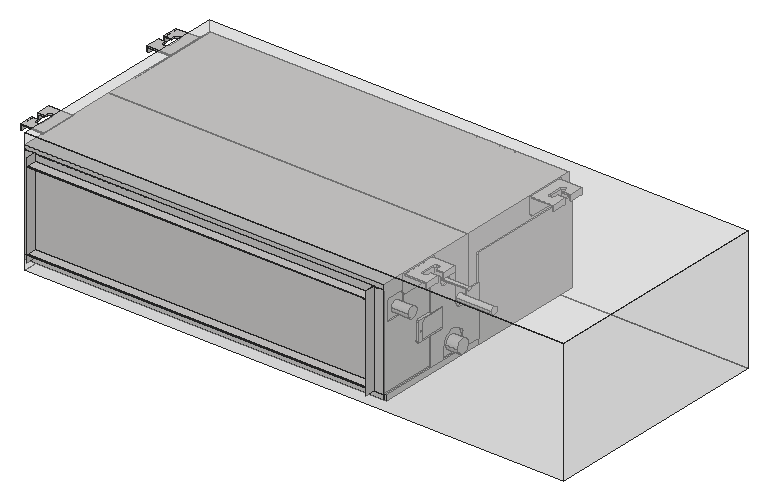
Revit family "outputfile", category 機械設備, Revit 2024
Family settings
  丸型コネクタ寸法 = 半径を使用
  パーツ タイプ = 標準
  OmniClass 番号 = 23.75.10.24.21.27.27
  OmniClass タイトル = Split System Air Conditioning Units
  作業面ベース = いいえ
  常に垂直 = はい
  ロード時にボイドで切り取り = いいえ
  注釈の向きを維持 = いいえ
  共有 = いいえ
  部屋計算ポイント = はい
Parameters (values of type "FXDQ25TV1CA")
  Description = ""
  製造元 = "Daikin"
  書き出し IFC クラス(タイプ) = "IfcUnitaryEquipmentType"
  定義済み IFC タイプ(タイプ) = "AIRCONDITIONINGUNIT"
  Cost = 0
  モデル = "FXDQ25TV1CA"
  Type Comments = ""
  Keynote = ""
  Type Image = (empty or 0)
  Assembly Code = ""
  r_Liquid Pipe Size = Liquid Pipe Size / 2  # 3.2 mm
  r_Gas Pipe Size = Gas Pipe Size / 2  # 6.35 mm
  r_Drain Pipe Size = Drain Pipe Size / 2  # 10.0 mm
  lw_powersuply = 65.0 mm  # constant formula
  lh_suctionflange [instance] = [h***] + 100.5 mm  # 100.5 mm
  lh_mounting = lh_mountinghole + [h***]  # 200.0 mm
  ld_suctionflange [instance] = if(and(Rear Connection_Return Air, Width = 700.0 mm), 94.5 mm, if(and(Rear Connection_Return Air, Width = 900.0 mm), 94.0 mm, if(and(Rear Connection_Return Air, Width = 1100.0 mm), 94.0 mm, 100.5 mm)))  # 94.5 mm
  ld_powersuply = 64.0 mm  # constant formula
  ld_mountinghole_Back = if(Width = 900.0 mm, 169.0 mm, 165.0 mm)  # 165.0 mm
  ld_mountinghole_Front = if(Width = 900.0 mm, 140.0 mm, 144.0 mm)  # 144.0 mm
  ld_RA_below = if(Width = 700.0 mm, 189.0 mm, 188.0 mm)  # 189.0 mm
  ld_RA = if(Width = 700.0 mm, 94.5 mm, 94.0 mm)  # 94.5 mm
  angle_vertical_RA [instance] = if(Rear Connection_Return Air, 90.00°, 0.00°)  # 90.00°
  angle horizontal_RA [instance] = if(Rear Connection_Return Air, 180.00°, 270.00°)  # 180.00°
  Voltage_comment_50Hz = "220-240"
  Voltage_50Hz = 220 V
  URL = ""
  Supply Air Direction [instance] = yes
  Sound Power Level_H speed (dB) = 0
  Rear Connection_Return Air [instance] = not(Bottom Connection_Return Air)  # yes
  Phase_50Hz = 1
  Minimum External Static Pressure = 10.00 Pa
  Minimum Circuit Amps_50Hz = 0.8 A
  Maximum Fuse Amps_50Hz = 15.0 A
  Maximum External Static Pressure = 40.00 Pa
  Material_Casing = DAIKIN_GalvanizedSteel_Casing_indoorunit
  ld_liquidpipe = 142.0 mm  # constant formula
  ld_gaspipe = 181.0 mm  # constant formula
  lw_mountinghole = Width + 52.0 mm  # 752.0 mm
  ld_drainpipe = 28.0 mm  # constant formula
  lh_liquidpipe = 151.0 mm
  lh_gaspipe = 101.0 mm
  lh_mountinghole = 200.0 mm  # constant formula
  lh_drainpipe = 152.0 mm  # constant formula
  h_antenna = Height - lh_mountinghole + 1.0 mm  # 1.0 mm
  h*** = 0.0 mm  # constant formula
  Width = 700.0 mm
  Version = "ver.1.0"
  Unit Type = "Slim Duct (Standard) Type"
  Unit Mass Weight = 18.00 kg
  Unit Designation [instance] = ""
  Uniclass2015Version = "Products v1.30"
  Uniclass2015Title = "Variable refrigerant flow units"
  Uniclass2015Code = "Pr_70_65_03_94"
  Total Heating Capacity [instance] = 0.000 kW
  Total Cooling Capacity [instance] = 0.000 kW
  Sound Pressure Level_M speed (dBA) = 0
  Sound Pressure Level_L speed (dBA) = 28
  Sound Pressure Level_H speed (dBA) = 33
  Series = "VRV Fan Coil Unit"
  Sensible Cooling Capacity [instance] = 0.000 kW
  SA Duct Size Width = if(Width = 900.0 mm, 860.0 mm, if(Width = 1100.0 mm, 1060.0 mm, 660.0 mm))  # 660.0 mm
  SA Duct Size Height = 153.0 mm  # constant formula
  Refrigerant Type = "R410A"
  RA Duct Size Width = if(Width = 900.0 mm, 775.0 mm, if(Width = 1100.0 mm, 975.0 mm, 575.0 mm))  # 575.0 mm
  RA Duct Size Height [instance] = if(Rear Connection_Return Air, 163.0 mm, if(Width = 700.0 mm, 153.0 mm, 152.0 mm))  # 163.0 mm
  Power Input (Heating) = 0.030 kW
  Power Input (Cooling) = 0.040 kW
  Option Accessory 3 [instance] = ""
  Option Accessory 2 [instance] = ""
  Option Accessory 1 [instance] = ""
  Nominal Heating Capacity = 3.200 kW
  Nominal Cooling Capacity = 2.800 kW
  Minimum Airflow = 0.00 m³/h
  Median Airflow = 0.00 m³/h
  Maximum Airflow = 540.00 m³/h
  Load Classification = HVAC
  Liquid Pipe Size = 6.4 mm
  Link_Nested Family [instance] = ""
  IfcVersion = "0"
  IfcExportType = "AIRCONDITIONINGUNIT"
  IfcExportAs = "IfcUnitaryEquipmentType"
  Height = 200.0 mm
  Heating Entering Wet Bulb Temperature [instance] = 0.00 °C
  Heating Entering Dry Bulb Temperature [instance] = 0.00 °C
  Heating Ambient Wet Bulb Temperature [instance] = 0.00 °C
  Heating Ambient Dry Bulb Temperature [instance] = 0.00 °C
  Heat Exchanger Type = "Cross Fin Coil"
  Gas Pipe Size = 12.7 mm
  Frequency_50Hz = 50 Hz
  Fan Type = "Sirocco Fan"
  Fan Drive = "Direct Drive"
  FCU Tag No. [instance] = ""
  Drain Pipe Size = 20.0 mm
  Design Supply Airflow [instance] = 0.00 m³/h
  Design Return Airflow [instance] = 0.00 m³/h
  Design External Static Pressure [instance] = 0.00 Pa
  Depth = 450.0 mm
  既定の高さ = 0.0 mm
  Cooling Entering Wet Bulb Temperature [instance] = 0.00 °C
  Cooling Entering Dry Bulb Temperature [instance] = 0.00 °C
  Cooling Ambient Wet Bulb Temperature [instance] = 0.00 °C
  Cooling Ambient Dry Bulb Temperature [instance] = 0.00 °C
  Clearance visibility [instance] = yes
  Clearance Top = 20.0 mm
  Clearance Right = 350.0 mm
  Clearance Rear = 0.0 mm
  Clearance Left = 0.0 mm
  Clearance Front = 0.0 mm
  Clearance Bottom = 20.0 mm
  Bottom Connection_Return Air [instance] = no
Reference planes
  plane 1 "Center (Front/Back)": y = 0
  plane 2 "Bottom": z = -200
  plane 3 "Center (Left/Right)": x = 0
  plane 4 "Back": y = 225
  plane 5 "Front": y = -225
  plane 6 "Left": x = -350
  plane 7 "Right": x = 350
  plane 8 "Top": z = 0
  plane 9 "BB": y = -20
  plane 10 "condensate water pan": z = -190
  plane 11 "Below": z = -200
  plane 12 "Other components Right": x = 355
  plane 13 "Other components Left": x = 345
  plane 14 "lh_drainpipe": z = -48
  plane 15 "ld_drainpipe": y = -197
  plane 16 "drainpipe": x = 383
  plane 17 "lh_liquidpipe": z = -49
  plane 18 "ld_liquidpipe": y = -83
  plane 19 "ld_gaspipe": y = -44
  plane 20 "lh_gaspipe": z = -99
  plane 21: x = 403
  plane 22: x = 420
  plane 23: x = 374
  plane 24 "w_mountinghole_Left": x = -376
  plane 25 "w_mountinghole_Right": x = 376
  plane 26 "d_mountinghole_Back": y = 165
  plane 27 "d_mountinghole_Front": y = -144
  plane 28 "h_mountinghole": z = 0
  plane 29 "lw_powersuply": x = 285
  plane 30 "ld_powersuply": y = -161
  plane 31 "Clearance Left": x = -350
  plane 32 "Clearance Right": x = 700
  plane 33 "Clearance Rear": y = 225
  plane 34 "Clearance Front": y = -225
  plane 35 "Clearance Bottom": z = -220
  plane 36 "Clearance Top": z = 20
  plane 37 "RA": y = 224
  plane 38: z = -199
  plane 39 "RA_d": y = 130.5
  plane 40 "RA_w": x = -51.5
  plane 41 "RA_h": z = -99.5
  plane 42 "SA_h": z = -99
  plane 43 "RA_dd": y = 36
Forms (mm)
  Extrusion 1, solid, material "DAIKIN_GalvanizedSteel_Casing_indoorunit" <- "Material_Casing"
    sketch origin (0, 0, 100) x (0, 1, 0) y (0, 0, 1)
      loop
        line (-20, -100) -> (-20, -300) -> (225, -300) -> (225, -100) -> (-20, -100)
    from -350 to 350
  Extrusion 2, solid, material "DAIKIN_GalvanizedSteel_Casing_indoorunit" <- "Material_Casing"
    sketch origin (0, 0, 100) x (0, 1, 0) y (0, 0, 1)
      loop
        line (-225, -100) -> (-225, -290) -> (-20, -290) -> (-20, -100) -> (-225, -100)
    from -350 to 350
  Extrusion 3, solid, material "DAIKIN_GalvanizedSteel_Casing_indoorunit" <- "Material_Casing"
    sketch origin (0, 0, 100) x (0, 1, 0) y (0, 0, 1)
      loop
        line (-225, -290) -> (-225, -300) -> (-20, -300) -> (-20, -290) -> (-225, -290)
    from -350 to 350
  Extrusion 4, solid, material "DAIKIN_GalvanizedSteel_Casing_indoorunit" <- "Material_Casing"
    sketch origin (0, 0, 0) x (0, 1, 0) y (0, 0, 1)
      loop
        arc (2, -40) -> (-0.121, -40.879) -> (-1, -43) r 3
        line (-1, -43) -> (-1, -197)
        arc (-1, -197) -> (-0.121, -199.121) -> (2, -200) r 3
        line (2, -200) -> (225, -200) -> (225, -40) -> (2, -40)
    from 350 to 355
  Extrusion 5, solid, material "DAIKIN_GalvanizedSteel_Casing_indoorunit" <- "Material_Casing"
    sketch origin (620, 0, 0) x (0, 1, 0) y (0, 0, 1)
      loop
        line (-225, -190) -> (-225, -200) -> (-2, -200) -> (-2, -193)
        arc (-2, -193) -> (-2.879, -190.879) -> (-5, -190) r 3
        line (-5, -190) -> (-225, -190)
    from -270 to -265
  Extrusion 6, void
    sketch origin (0, 0, 0) x (0, 1, 0) y (0, 0, 1)
      loop
        arc (-145.64, -94.17) -> (-147.761, -95.049) -> (-148.64, -97.17) r 3
        line (-148.64, -97.17) -> (-148.64, -131.17)
        arc (-148.64, -131.17) -> (-147.761, -133.291) -> (-145.64, -134.17) r 3
        line (-145.64, -134.17) -> (-91.78, -134.17)
        arc (-91.78, -134.17) -> (-89.659, -133.291) -> (-88.78, -131.17) r 3
        line (-88.78, -131.17) -> (-88.78, -97.17)
        arc (-88.78, -97.17) -> (-89.659, -95.049) -> (-91.78, -94.17) r 3
        line (-91.78, -94.17) -> (-145.64, -94.17)
    from 345 to 355
  Extrusion 7, void
    sketch origin (460, 0, 0) x (0, 1, 0) y (0, 0, 1)
      loop
        arc (-212.95, -27.05) -> (-216.486, -28.514) -> (-217.95, -32.05) r 5
        line (-217.95, -32.05) -> (-217.95, -63.95)
        arc (-217.95, -63.95) -> (-216.486, -67.486) -> (-212.95, -68.95) r 5
        line (-212.95, -68.95) -> (-181.05, -68.95)
        arc (-181.05, -68.95) -> (-177.514, -67.486) -> (-176.05, -63.95) r 5
        line (-176.05, -63.95) -> (-176.05, -32.05)
        arc (-176.05, -32.05) -> (-177.514, -28.514) -> (-181.05, -27.05) r 5
        line (-181.05, -27.05) -> (-212.95, -27.05)
    from -115 to -105
  Extrusion 8, solid, material "DAIKIN_GalvanizedSteel_Casing_indoorunit" <- "Material_Casing"
    sketch origin (700, 0, 0) x (0, 1, 0) y (0, 0, 1)
      loop
        line (-116.823, -42) -> (-116.823, -190) -> (-87.438, -190) -> (-87.438, -167.881)
        arc (-87.438, -167.881) -> (-62.998, -143.441) -> (-38.558, -167.881) r 24.44
        line (-38.558, -167.881) -> (-38.558, -190) -> (-1, -190) -> (-1, -92.773) -> (-27.497, -92.773)
        arc (-27.497, -92.773) -> (-28.911, -93.359) -> (-29.497, -94.773) r 2
        line (-29.497, -94.773) -> (-29.497, -99)
        arc (-29.497, -99) -> (-43.997, -113.5) -> (-58.497, -99) r 14.5
        line (-58.497, -99) -> (-58.497, -42.3)
        arc (-58.497, -42.3) -> (-59.171, -40.674) -> (-60.797, -40) r 2.3
        line (-60.797, -40) -> (-69, -40)
        arc (-69, -40) -> (-70.414, -40.586) -> (-71, -42) r 2
        line (-71, -42) -> (-71, -49)
        arc (-71, -49) -> (-83, -61) -> (-95, -49) r 12
        line (-95, -49) -> (-95, -42)
        arc (-95, -42) -> (-95.586, -40.586) -> (-97, -40) r 2
        line (-97, -40) -> (-114.823, -40)
        arc (-114.823, -40) -> (-116.237, -40.586) -> (-116.823, -42) r 2
    from -350 to -345
  Extrusion 9, solid, material "DAIKIN_GalvanizedSteel_Casing_indoorunit" <- "Material_Casing"
    sketch origin (0, 0, 0) x (0, 1, 0) y (0, 0, 1)
      loop
        line (-91.78, -95.17) -> (-145.64, -95.17)
        arc (-145.64, -95.17) -> (-147.054, -95.756) -> (-147.64, -97.17) r 2
        line (-147.64, -97.17) -> (-147.64, -131.17)
        arc (-147.64, -131.17) -> (-147.054, -132.584) -> (-145.64, -133.17) r 2
        line (-145.64, -133.17) -> (-91.78, -133.17)
        arc (-91.78, -133.17) -> (-90.366, -132.584) -> (-89.78, -131.17) r 2
        line (-89.78, -131.17) -> (-89.78, -97.17)
        arc (-89.78, -97.17) -> (-90.366, -95.756) -> (-91.78, -95.17) r 2
    from 345 to 355
  Extrusion 10, solid, material "DAIKIN_GalvanizedSteel_Casing_indoorunit" <- "Material_Casing"
    sketch origin (0, 0, 0) x (0, 1, 0) y (0, 0, 1)
      loop
        line (-89.78, -97.67) -> (-136.14, -97.67) -> (-136.14, -130.67) -> (-89.78, -130.67) -> (-89.78, -97.67)
      loop
        circle (-142.64, -114.17) r 1.5
    from 350 to 355
  Extrusion 11, solid, material "DAIKIN_GalvanizedSteel_Casing_indoorunit" <- "Material_Casing"
    sketch origin (0, 0, 0) x (0, 1, 0) y (0, 0, 1)
      loop
        circle (-197, -48) r 10
    from 350 to 383
  Extrusion 12, solid, material "DAIKIN_GalvanizedSteel_Casing_indoorunit" <- "Material_Casing"
    sketch origin (0, 0, 0) x (0, 1, 0) y (0, 0, 1)
      loop
        circle (-83, -49) r 3.2
    from 350 to 403
  Extrusion 13, solid, material "DAIKIN_GalvanizedSteel_Casing_indoorunit" <- "Material_Casing"
    sketch origin (0, 0, 0) x (0, 1, 0) y (0, 0, 1)
      loop
        circle (-44, -99) r 6.35
    from 350 to 420
  Extrusion 14, solid, material "DAIKIN_GalvanizedSteel_Casing_indoorunit" <- "Material_Casing"
    sketch origin (0, 0, 0) x (0, 1, 0) y (0, 0, 1)
      loop
        circle (-62.998, -169) r 13
    from 350 to 374
  Extrusion 15, void
    sketch origin (0, 0, 0) x (1, 0, 0) y (0, 0, 1)
      loop
        line (246, -1) -> (-349, -1) -> (-349, -200) -> (246, -200) -> (246, -1)
    from -225 to -36
  Extrusion 16, solid, material "DAIKIN_GalvanizedSteel_Casing_indoorunit" <- "Material_Casing", visible <- "Bottom Connection_Return Air"
    sketch origin (0, 0, 0) x (1, 0, 0) y (0, 0, 1)
      loop
        line (246, -1) -> (-349, -1) -> (-349, -200) -> (246, -200) -> (246, -1)
    from -225 to -224
  Extrusion 17, solid, material "DAIKIN_GalvanizedSteel_Casing_indoorunit" <- "Material_Casing", visible <- "Rear Connection_Return Air"
    sketch origin (0, 0, 0) x (1, 0, 0) y (0, 1, 0)
      loop
        line (-349, 36) -> (246, 36) -> (246, 225) -> (-349, 225) -> (-349, 36)
    from -200 to -199
Cuts and joins
  Extrusion 6, Extrusion 7 cuts Extrusion 2
  Extrusion 6 cuts Extrusion 8
  Extrusion 15 cuts Extrusion 1
Dimensions and locks
  locked: plane 9 "BB" to plane 1 "Center (Front/Back)" at 20
  equal spacing: plane 4 "Back", plane 1 "Center (Front/Back)", plane 5 "Front"
  "Depth": plane 4 "Back" to plane 5 "Front"
  plane 9 "BB" to plane 4 "Back" = 245.0 mm
  plane 5 "Front" to plane 9 "BB" = 205.0 mm
  equal spacing: plane 6 "Left", plane 3 "Center (Left/Right)", plane 7 "Right"
  "Width": plane 6 "Left" to plane 7 "Right"
  locked: plane 1 "Center (Front/Back)" to plane 9 "BB" at 20
  "h***": plane 11 "Below" to plane 2 "Bottom"
  locked: plane 10 "condensate water pan" to plane 11 "Below" at 10
  "Height": plane 8 "Top" to plane 11 "Below"
  locked: Extrusion 4 sketch curve to plane 4 "Back" at 226
  locked: Extrusion 4 sketch curve to plane 11 "Below" at 160
  locked: plane 7 "Right" to plane 12 "Other components Right" at 5
  locked: plane 13 "Other components Left" to plane 7 "Right" at 5
  "lh_drainpipe": plane 14 "lh_drainpipe" to plane 11 "Below"
  plane 5 "Front" to plane 15 "ld_drainpipe" = 28.0 mm
  "ld_drainpipe": plane 15 "ld_drainpipe" to plane 5 "Front"
  locked: plane 7 "Right" to plane 16 "drainpipe" at 33
  "lh_liquidpipe": plane 17 "lh_liquidpipe" to plane 11 "Below"
  "ld_liquidpipe": plane 18 "ld_liquidpipe" to plane 5 "Front"
  "ld_gaspipe": plane 19 "ld_gaspipe" to plane 5 "Front"
  plane 5 "Front" to plane 18 "ld_liquidpipe" = 142.0 mm
  plane 5 "Front" to plane 19 "ld_gaspipe" = 181.0 mm
  "lh_gaspipe": plane 20 "lh_gaspipe" to plane 11 "Below"
  locked: plane 7 "Right" to plane 21 at 53
  locked: plane 7 "Right" to plane 22 at 70
  locked: plane 7 "Right" to plane 23 at 24
  equal spacing: plane 24 "w_mountinghole_Left", plane 3 "Center (Left/Right)", plane 25 "w_mountinghole_Right"
  "lw_mountinghole": plane 24 "w_mountinghole_Left" to plane 25 "w_mountinghole_Right"
  plane 26 "d_mountinghole_Back" to plane 27 "d_mountinghole_Front" = 309.0 mm
  "lh_mountinghole": plane 28 "h_mountinghole" to plane 11 "Below"
  "lw_powersuply": plane 29 "lw_powersuply" to plane 7 "Right"
  "ld_powersuply": plane 5 "Front" to plane 30 "ld_powersuply"
  "Clearance Rear": plane 33 "Clearance Rear" to plane 4 "Back"
  "Clearance Front": plane 5 "Front" to plane 34 "Clearance Front"
  "Clearance Bottom": plane 11 "Below" to plane 35 "Clearance Bottom"
  "Clearance Top": plane 36 "Clearance Top" to plane 8 "Top"
  "Clearance Left": plane 31 "Clearance Left" to plane 6 "Left"
  "Clearance Right": plane 7 "Right" to plane 32 "Clearance Right"
  locked: cut or joined group of Extrusion 1, Extrusion 15 to plane 6 "Left" at 1
  locked: plane 7 "Right" to cut or joined group of Extrusion 1, Extrusion 15 at 104
  locked: plane 4 "Back" to plane 37 "RA" at 1
  locked: plane 6 "Left" to Extrusion 17 sketch curve at 1
  locked: Extrusion 17 sketch curve to plane 7 "Right" at 104
  locked: plane 38 to plane 11 "Below" at 1
  locked: plane 40 "RA_w" to plane 3 "Center (Left/Right)" at 51.5
  "ld_RA": plane 39 "RA_d" to plane 4 "Back"
  locked: plane 11 "Below" to plane 41 "RA_h" at 100.5
  locked: plane 11 "Below" to plane 42 "SA_h" at 101
  "ld_mountinghole_Back": plane 26 "d_mountinghole_Back" to plane 1 "Center (Front/Back)"
  "ld_mountinghole_Front": plane 27 "d_mountinghole_Front" to plane 1 "Center (Front/Back)"
  "ld_RA_below": plane 4 "Back" to plane 43 "RA_dd"
  "r_Liquid Pipe Size": radius of Extrusion 12 sketch curve
  "r_Gas Pipe Size": radius of Extrusion 13 sketch curve
  "r_Drain Pipe Size": radius of Extrusion 11 sketch curve
  aligned and locked: Extrusion 1 sketch curve to plane 8 "Top"
  aligned and locked: Extrusion 1 sketch curve to plane 9 "BB"
  aligned and locked: Extrusion 1 sketch curve to plane 4 "Back"
  aligned and locked: Extrusion 2 sketch curve to plane 9 "BB"
  aligned and locked: Extrusion 2 sketch curve to plane 8 "Top"
  aligned and locked: plane 5 "Front" to Extrusion 2 sketch curve
  aligned and locked: Extrusion 1 to plane 6 "Left"
  aligned and locked: plane 7 "Right" to Extrusion 1
  aligned and locked: Extrusion 2 to plane 6 "Left"
  aligned and locked: plane 7 "Right" to Extrusion 2
  aligned and locked: plane 10 "condensate water pan" to Extrusion 2 sketch curve
  aligned and locked: Extrusion 3 sketch curve to plane 10 "condensate water pan"
  aligned and locked: plane 5 "Front" to Extrusion 3 sketch curve
  aligned and locked: plane 9 "BB" to Extrusion 3 sketch curve
  aligned and locked: Extrusion 3 to plane 6 "Left"
  aligned and locked: plane 7 "Right" to Extrusion 3
  aligned and locked: plane 11 "Below" to Extrusion 3
  aligned and locked: Extrusion 1 to plane 11 "Below"
  aligned and locked: plane 11 "Below" to Extrusion 4 sketch curve
  aligned and locked: Extrusion 4 sketch curve to plane 4 "Back"
  aligned and locked: Extrusion 4 to plane 7 "Right"
  aligned and locked: plane 12 "Other components Right" to Extrusion 4
  aligned and locked: Extrusion 5 sketch curve to plane 10 "condensate water pan"
  aligned and locked: plane 5 "Front" to Extrusion 5 sketch curve
  aligned and locked: plane 11 "Below" to Extrusion 5 sketch curve
  aligned and locked: Extrusion 5 to plane 7 "Right"
  aligned and locked: plane 12 "Other components Right" to Extrusion 5
  aligned and locked: Extrusion 8 to plane 7 "Right"
  aligned and locked: plane 12 "Other components Right" to Extrusion 8
  aligned and locked: Extrusion 6 to plane 13 "Other components Left"
  aligned and locked: Extrusion 7 to plane 13 "Other components Left"
  aligned and locked: plane 12 "Other components Right" to Extrusion 7
  aligned and locked: plane 12 "Other components Right" to Extrusion 6
  aligned and locked: Extrusion 10 to plane 7 "Right"
  aligned and locked: Extrusion 9 to plane 13 "Other components Left"
  aligned and locked: plane 16 "drainpipe" to Extrusion 11
  aligned and locked: Extrusion 11 to plane 7 "Right"
  aligned and locked: plane 12 "Other components Right" to Extrusion 9
  aligned and locked: plane 12 "Other components Right" to Extrusion 10
  aligned and locked: Extrusion 12 to plane 7 "Right"
  aligned and locked: plane 21 to Extrusion 12
  aligned and locked: Extrusion 13 sketch curve to plane 19 "ld_gaspipe"
  aligned and locked: plane 20 "lh_gaspipe" to Extrusion 13 sketch curve
  aligned and locked: Extrusion 12 sketch curve to plane 18 "ld_liquidpipe"
  aligned and locked: plane 17 "lh_liquidpipe" to Extrusion 12 sketch curve
  aligned and locked: plane 14 "lh_drainpipe" to Extrusion 11 sketch curve
  aligned and locked: Extrusion 11 sketch curve to plane 15 "ld_drainpipe"
  aligned and locked: Extrusion 13 to plane 7 "Right"
  aligned and locked: plane 22 to Extrusion 13
  aligned and locked: Extrusion 14 to plane 7 "Right"
  aligned and locked: plane 23 to Extrusion 14
  aligned and locked: plane 25 "w_mountinghole_Right" to nested 2
  aligned and locked: nested 2 to plane 26 "d_mountinghole_Back"
  aligned and locked: plane 28 "h_mountinghole" to nested 2
  aligned and locked: plane 27 "d_mountinghole_Front" to nested 3
  aligned and locked: plane 25 "w_mountinghole_Right" to nested 3
  aligned and locked: plane 24 "w_mountinghole_Left" to nested 4
  aligned and locked: plane 26 "d_mountinghole_Back" to nested 4
  aligned and locked: plane 24 "w_mountinghole_Left" to nested 5
  aligned and locked: nested 5 to plane 27 "d_mountinghole_Front"
  aligned and locked: plane 28 "h_mountinghole" to nested 4
  aligned and locked: plane 28 "h_mountinghole" to nested 5
  aligned and locked: plane 28 "h_mountinghole" to nested 3
  aligned and locked: plane 24 "w_mountinghole_Left" to nested 1
  aligned and locked: nested 1 to plane 26 "d_mountinghole_Back"
  aligned and locked: plane 27 "d_mountinghole_Front" to nested 6
  aligned and locked: plane 24 "w_mountinghole_Left" to nested 6
  aligned and locked: nested 7 to plane 25 "w_mountinghole_Right"
  aligned and locked: nested 7 to plane 26 "d_mountinghole_Back"
  aligned and locked: plane 27 "d_mountinghole_Front" to nested 8
  aligned and locked: nested 8 to plane 25 "w_mountinghole_Right"
  aligned and locked: plane 15 "ld_drainpipe" to nested 9
  aligned and locked: plane 7 "Right" to nested 9
  aligned and locked: plane 14 "lh_drainpipe" to nested 9
  aligned and locked: plane 7 "Right" to nested 11
  aligned and locked: plane 7 "Right" to nested 10
  aligned and locked: plane 18 "ld_liquidpipe" to nested 10
  aligned and locked: plane 19 "ld_gaspipe" to nested 11
  aligned and locked: nested 10 to plane 17 "lh_liquidpipe"
  aligned and locked: nested 11 to plane 20 "lh_gaspipe"
  aligned and locked: plane 31 "Clearance Left" to nested 12
  aligned and locked: plane 33 "Clearance Rear" to nested 12
  aligned and locked: plane 34 "Clearance Front" to nested 12
  aligned and locked: nested 12 to plane 32 "Clearance Right"
  aligned and locked: plane 36 "Clearance Top" to nested 12
  aligned and locked: plane 35 "Clearance Bottom" to nested 12
  aligned and locked: nested 13 to plane 29 "lw_powersuply"
  aligned and locked: plane 30 "ld_powersuply" to nested 13
  aligned and locked: nested 13 to plane 20 "lh_gaspipe"
  aligned and locked: plane 3 "Center (Left/Right)" to nested 14
  aligned and locked: plane 1 "Center (Front/Back)" to nested 14
  aligned and locked: plane 1 "Center (Front/Back)" to nested 15
  aligned and locked: nested 15 to plane 11 "Below"
  aligned and locked: plane 3 "Center (Left/Right)" to nested 16
  aligned and locked: plane 3 "Center (Left/Right)" to nested 17
  aligned and locked: plane 8 "Top" to nested 16
  aligned and locked: plane 4 "Back" to Extrusion 15
  aligned and locked: plane 4 "Back" to Extrusion 16
  aligned and locked: Extrusion 16 to plane 37 "RA"
  aligned and locked: Extrusion 17 to plane 11 "Below"
  aligned and locked: plane 38 to Extrusion 17
  aligned and locked: plane 39 "RA_d" to nested 18
  aligned and locked: plane 1 "Center (Front/Back)" to nested 19
  aligned and locked: plane 3 "Center (Left/Right)" to nested 19
  aligned and locked: plane 42 "SA_h" to nested 19
  aligned and locked: nested 16 to plane 37 "RA"
  aligned and locked: nested 16 to plane 4 "Back"
  aligned and locked: nested 17 to plane 38
  aligned and locked: nested 17 to plane 37 "RA"
  aligned and locked: Extrusion 15 to plane 43 "RA_dd"
  aligned and locked: Extrusion 17 sketch curve to plane 43 "RA_dd"
  aligned and locked: level to plane 8 "Top"
Automatic sketch dimensions
  Extrusion 1 sketch curve to plane 10 "condensate water pan" = 10.0 mm
  Extrusion 3 sketch curve to plane 10 "condensate water pan" = 10.0 mm
  Extrusion 4 sketch curve to plane 10 "condensate water pan" = 7.0 mm
  Extrusion 4 sketch curve to plane 1 "Center (Front/Back)" = 2.0 mm
  plane 1 "Center (Front/Back)" to Extrusion 5 sketch curve = 2.0 mm
  Extrusion 5 sketch curve to plane 10 "condensate water pan" = 3.0 mm
  plane 5 "Front" to Extrusion 6 sketch curve = 76.36 mm
  Extrusion 6 sketch curve to Extrusion 6 sketch curve = 3.0 mm  (x3)
  Extrusion 6 sketch curve to Extrusion 6 sketch curve = 53.86 mm
  Extrusion 6 sketch curve to Extrusion 6 sketch curve = 0.0 mm
  plane 10 "condensate water pan" to Extrusion 6 sketch curve = 55.83 mm
  Extrusion 6 sketch curve to Extrusion 6 sketch curve = 34.0 mm
  plane 5 "Front" to Extrusion 7 sketch curve = 7.05 mm
  Extrusion 7 sketch curve to Extrusion 7 sketch curve = 5.0 mm  (x3)
  Extrusion 7 sketch curve to Extrusion 7 sketch curve = 31.9 mm  (x3)
  Extrusion 7 sketch curve to plane 8 "Top" = 68.95 mm
  Extrusion 8 sketch curve to plane 10 "condensate water pan" = 0.0 mm  (x2)
  Extrusion 8 sketch curve to plane 9 "BB" = 96.823 mm
  Extrusion 8 sketch curve to Extrusion 8 sketch curve = 2.0 mm  (x4)
  Extrusion 8 sketch curve to Extrusion 8 sketch curve = 17.823 mm
  Extrusion 8 sketch curve to Extrusion 8 sketch curve = 29.385 mm
  Extrusion 8 sketch curve to Extrusion 8 sketch curve = 12.0 mm
  Extrusion 8 sketch curve to Extrusion 8 sketch curve = 24.44 mm
  Extrusion 8 sketch curve to Extrusion 8 sketch curve = 8.203 mm
  Extrusion 8 sketch curve to plane 9 "BB" = 38.497 mm
  Extrusion 8 sketch curve to Extrusion 8 sketch curve = 14.5 mm
  plane 1 "Center (Front/Back)" to Extrusion 8 sketch curve = 1.0 mm
  Extrusion 8 sketch curve to Extrusion 8 sketch curve = 22.119 mm
  Extrusion 8 sketch curve to Extrusion 8 sketch curve = 68.881 mm
  Extrusion 8 sketch curve to Extrusion 8 sketch curve = 4.227 mm
  Extrusion 8 sketch curve to plane 8 "Top" = 49.0 mm
  Extrusion 8 sketch curve to Extrusion 8 sketch curve = 6.7 mm
  Extrusion 8 sketch curve to Extrusion 8 sketch curve = 7.0 mm
  plane 5 "Front" to Extrusion 9 sketch curve = 79.36 mm
  Extrusion 9 sketch curve to Extrusion 9 sketch curve = 2.0 mm  (x3)
  Extrusion 9 sketch curve to Extrusion 9 sketch curve = 53.86 mm
  Extrusion 9 sketch curve to Extrusion 9 sketch curve = 0.0 mm
  plane 10 "condensate water pan" to Extrusion 9 sketch curve = 56.83 mm
  Extrusion 9 sketch curve to Extrusion 9 sketch curve = 34.0 mm
  plane 5 "Front" to Extrusion 10 sketch curve = 82.36 mm
  Extrusion 10 sketch curve to Extrusion 10 sketch curve = 6.5 mm
  Extrusion 10 sketch curve to Extrusion 10 sketch curve = 46.36 mm
  plane 10 "condensate water pan" to Extrusion 10 sketch curve = 59.33 mm
  Extrusion 10 sketch curve to Extrusion 10 sketch curve = 16.5 mm  (x2)
  Extrusion 14 sketch curve to plane 19 "ld_gaspipe" = 18.998 mm
  plane 10 "condensate water pan" to Extrusion 14 sketch curve = 21.0 mm
  plane 6 "Left" to Extrusion 15 sketch curve = 1.0 mm
  plane 35 "Clearance Bottom" to Extrusion 15 sketch curve = 20.0 mm
  plane 29 "lw_powersuply" to Extrusion 15 sketch curve = 39.0 mm
  Extrusion 15 sketch curve to plane 8 "Top" = 1.0 mm
  plane 6 "Left" to Extrusion 16 sketch curve = 1.0 mm
  Extrusion 16 sketch curve to plane 11 "Below" = 0.0 mm
  plane 29 "lw_powersuply" to Extrusion 16 sketch curve = 39.0 mm
  Extrusion 16 sketch curve to plane 8 "Top" = 1.0 mm
  Extrusion 17 sketch curve to plane 4 "Back" = 0.0 mm
  radius of Extrusion 10 sketch curve = 1.5 mm
  radius of Extrusion 14 sketch curve = 13.0 mm
Nested families
  nested 1: "daikin_mountinghole" at (-376, 165, -200), h_mountinghole <- "lh_mounting", l_antenna <- "h_antenna", Link_Nested Family <- "Link_Nested Family", type "daikin_mountinghole"
    with show yes, l_antenna 1.0 mm, h_mountinghole 200.0 mm, Link_Nested Family ""
  nested 2: "daikin_hangerfixture_FXDQ-TV1C(A)" at (350, 165, 0), type "daikin_hangerfixture_FXDQ-TV1C(A)"
  nested 3: "daikin_hangerfixture_FXDQ-TV1C(A)" at (350, -144, 0), type "daikin_hangerfixture_FXDQ-TV1C(A)"
  nested 4: "daikin_hangerfixture_FXDQ-TV1C(A)" at (-350, 165, 0) x (-1, 0, 0) z (0, 0, 1), type "daikin_hangerfixture_FXDQ-TV1C(A)"
  nested 5: "daikin_hangerfixture_FXDQ-TV1C(A)" at (-350, -144, 0) x (-1, 0, 0) z (0, 0, 1), type "daikin_hangerfixture_FXDQ-TV1C(A)"
  nested 6: "daikin_mountinghole" at (-376, -144, -200), h_mountinghole <- "lh_mounting", l_antenna <- "h_antenna", Link_Nested Family <- "Link_Nested Family", type "daikin_mountinghole"
    with show yes, l_antenna 1.0 mm, h_mountinghole 200.0 mm, Link_Nested Family ""
  nested 7: "daikin_mountinghole" at (376, 165, -200), h_mountinghole <- "lh_mounting", l_antenna <- "h_antenna", Link_Nested Family <- "Link_Nested Family", type "daikin_mountinghole"
    with show yes, l_antenna 1.0 mm, h_mountinghole 200.0 mm, Link_Nested Family ""
  nested 8: "daikin_mountinghole" at (376, -144, -200), h_mountinghole <- "lh_mounting", l_antenna <- "h_antenna", Link_Nested Family <- "Link_Nested Family", type "daikin_mountinghole"
    with show yes, l_antenna 1.0 mm, h_mountinghole 200.0 mm, Link_Nested Family ""
  nested 9: "daikin_connector_rotate2" at (350, -197, -48) x (0, 1, 0) z (0, 0, 1), radius <- "r_Drain Pipe Size", type "daikin_connector_rotate2"
    with radius 10.0 mm, length 33.0 mm, angle_vertical 90.00°, show_face no
  nested 10: "daikin_connector_rotate2" at (350, -83, -49) x (0, 1, 0) z (0, 0, 1), radius <- "r_Liquid Pipe Size", type "daikin_connector_rotate2"
    with radius 3.2 mm, length 53.0 mm, angle_vertical 90.00°, show_face no
  nested 11: "daikin_connector_rotate2" at (350, -44, -99) x (0, 1, 0) z (0, 0, 1), radius <- "r_Gas Pipe Size", type "daikin_connector_rotate2"
    with radius 6.35 mm, length 70.0 mm, angle_vertical 90.00°, show_face no
  nested 12: "daikin_clearancespace" at (175, 0, -99.881), visible <- "Clearance visibility", show <- "Clearance visibility", Link_Nested Family <- "Link_Nested Family", type "daikin_clearancespace"
    with width 1050.0 mm, show yes, height 240.0 mm, depth 450.0 mm, Link_Nested Family ""
  nested 13: "daikin_connector_rotate2" at (285, -161, -99) x (1, 0, 0) z (0, -1, 0), type "daikin_connector_rotate2"
    with radius 10.0 mm, length 101.0 mm, angle_vertical 90.00°, show_face no
  nested 14: "daikin_△_symbolicline" at (0, 0, 200), visible <- "Supply Air Direction", built-in parameter 1001360 <- "Height", type "daikin_△_symbolicline"
    with length 200.0 mm
  nested 15: "daikin_ductflange_FXDQ-TV1C(A)1" at (0, 0, -364.701), width <- "SA Duct Size Width", height <- "SA Duct Size Height", material <- "Material_Casing", type "daikin_ductflange_FXDQ-TV1C(A)1"
    with width 660.0 mm, material DAIKIN_GalvanizedSteel_Casing_indoorunit, height 153.0 mm, depth 20.0 mm
  nested 16: "daikin_ductflange_FXDQ-TV1C(A)2" at (0, 225, -99.5), visible <- "Rear Connection_Return Air", height <- "RA Duct Size Height", width <- "RA Duct Size Width", material <- "Material_Casing", type "daikin_ductflange_FXDQ-TV1C(A)2"
    with width 575.0 mm, material DAIKIN_GalvanizedSteel_Casing_indoorunit, height 163.0 mm, depth 1.0 mm
  nested 17: "daikin_ductflange_FXDQ-TV1C(A)2" at (0, 125.5, -200) x (1, 0, 0) z (0, 1, 0), visible <- "Bottom Connection_Return Air", width <- "RA Duct Size Width", height <- "RA Duct Size Height", type "daikin_ductflange_FXDQ-TV1C(A)2"
    with width 575.0 mm, material DAIKIN_GalvanizedSteel_Casing_indoorunit, height 163.0 mm, depth 1.0 mm
  nested 18: "daikin_connector_rotate3" at (-51.5, 130.5, -99.5), angle_vertical <- "angle_vertical_RA", angle_horizontal <- "angle horizontal_RA", length <- "ld_suctionflange", built-in parameter 1001364 <- "lh_suctionflange", type "daikin_connector_rotate3"
    with show yes, radius 10.0 mm, length 94.5 mm, angle_vertical 90.00°, angle_horizontal 180.00°
  nested 19: "daikin_connector_rotate2" at (0, 0, -99), type "daikin_connector_rotate2"
    with radius 10.0 mm, length 245.0 mm, angle_vertical 90.00°, show_face no
Connectors
  piping at (383, -197, -48), diameter 20, driven by "r_Drain Pipe Size"
    settings: on nested 9, index 1, connector inside diameter 609.6 mm, connector length 0.0 mm, flow factor 0, pipe flow 0.00 m³/h, pressure drop 0.0 Pa, fitting loss kfactor 0, connector angle 0.00°, fixture units 0, engagement length 0.0 mm, angle of deflection 0.00°, flow configuration 1, flow direction 2, fitting loss method 4, system type 16, joint type 0, gender type 0, connector reference index -1, connector utility 0, adjustable connector no, is connector primary yes, connector description "Condensate Drain Piping"
  piping at (420, -44, -99), diameter 12.7, driven by "r_Gas Pipe Size"
    settings: on nested 11, index 2, connector inside diameter 609.6 mm, connector length 0.0 mm, flow factor 0, pipe flow 0.00 m³/h, pressure drop 0.0 Pa, fitting loss kfactor 0, connector angle 0.00°, fixture units 0, engagement length 0.0 mm, angle of deflection 0.00°, flow configuration 1, flow direction 2, fitting loss method 0, system type 29, joint type 0, gender type 0, connector reference index -1, connector utility 0, adjustable connector no, is connector primary no, connector description "Refrigerant Gas Piping"
  piping at (403, -83, -49), diameter 6.4, driven by "r_Liquid Pipe Size"
    settings: on nested 10, index 3, connector inside diameter 609.6 mm, connector length 0.0 mm, flow factor 0, pipe flow 0.00 m³/h, pressure drop 0.0 Pa, fitting loss kfactor 0, connector angle 0.00°, fixture units 0, engagement length 0.0 mm, angle of deflection 0.00°, flow configuration 1, flow direction 1, fitting loss method 0, system type 29, joint type 0, gender type 0, connector reference index -1, connector utility 0, adjustable connector no, is connector primary no, connector description "Refrigerant Liquid Piping"
  electrical at (285, -161, -200), driven by "Load Classification"
    settings: on nested 13, index 4, voltage 0 V, apparent load 0 VA, apparent load phase1 0 VA, apparent load phase2 0 VA, apparent load phase3 0 VA, power factor 1, load classification "HVAC", number of poles 1, system type 30, power factor state 1, is connector primary yes, connector utility no, sub classification motor no, connector description "Power Supply"
  hvac at (-51.5, 225, -99.5), driven by "RA Duct Size Height", driven by "RA Duct Size Width"
    settings: on nested 18, index 5, duct flow 0.00 m³/h, flow factor 0, pres drop 0.00 Pa, loss coef 0, conn angle 0.00°, conn width 575.0 mm, conn height 163.0 mm, conn diameter 609.6 mm, duct sys type 2, conn prof type 1, flow config 0, flow direction 1, loss method 4, conn ref index -1, conn util no, is conn primary yes, conn desc "RA Duct"
  hvac at (0, -245, -99), driven by "SA Duct Size Height", driven by "SA Duct Size Width"
    settings: on nested 19, index 6, duct flow 0.00 m³/h, flow factor 0, pres drop 0.00 Pa, loss coef 0, conn angle 0.00°, conn width 660.0 mm, conn height 153.0 mm, conn diameter 609.6 mm, duct sys type 1, conn prof type 1, flow config 0, flow direction 2, loss method 4, conn ref index -1, conn util no, is conn primary no, conn desc "SA Duct"
Definition of nested family "daikin_hangerfixture_FXDQ-TV1C(A)"
  Parameters (values of type "daikin_hangerfixture_FXDQ-TV1C(A)")
    width = 46.0 mm
    material = none
    height = 35.0 mm
    depth = 70.0 mm
    Default Elevation = 0.0 mm
  Reference planes
    plane 1 "Center (Front/Back)": y = 0
    plane 2: z = 0
    plane 3 "Center (Left/Right)": x = 0
    plane 4: z = -35
    plane 5: y = 35
    plane 6: y = -35
    plane 7: x = 46
    plane 8: z = -2
    plane 9: x = 44
    plane 10: x = 2
    plane 11: x = 26
  Forms (mm)
    Extrusion 1, solid, material <- "material"
      sketch origin (0, 0, 0) x (1, 0, 0) y (0, 1, 0)
        loop
          line (0, 35) -> (0, -35) -> (46, -35) -> (46, -6.5) -> (31.85, -6.5) -> (31.85, -12.15)
          arc (31.85, -12.15) -> (26, -18) -> (20.15, -12.15) r 5.85
          line (20.15, -12.15) -> (20.15, 12.15)
          arc (20.15, 12.15) -> (26, 18) -> (31.85, 12.15) r 5.85
          line (31.85, 12.15) -> (31.85, 6.5) -> (46, 6.5) -> (46, 35) -> (0, 35)
      from -2 to 0
    Extrusion 2, solid, material <- "material"
      sketch origin (0, 0, 0) x (0, 1, 0) y (0, 0, 1)
        loop
          line (35, 0) -> (6.5, 0) -> (6.5, -8)
          arc (6.5, -8) -> (7.379, -10.121) -> (9.5, -11) r 3
          line (9.5, -11) -> (32, -11)
          arc (32, -11) -> (34.121, -10.121) -> (35, -8) r 3
          line (35, -8) -> (35, 0)
        loop
          line (-35, 0) -> (-35, -8)
          arc (-35, -8) -> (-34.121, -10.121) -> (-32, -11) r 3
          line (-32, -11) -> (-9.5, -11)
          arc (-9.5, -11) -> (-7.379, -10.121) -> (-6.5, -8) r 3
          line (-6.5, -8) -> (-6.5, 0) -> (-35, 0)
      from 44 to 46
    Extrusion 3, solid, material <- "material"
      sketch origin (0, 0, 0) x (0, 1, 0) y (0, 0, 1)
        loop
          line (-37.5, 0) -> (-37.5, -30) -> (-32.5, -35) -> (32.5, -35) -> (37.5, -30) -> (37.5, 0) -> (-37.5, 0)
      from 0 to 2
  Cuts and joins
    joined: Extrusion 1, Extrusion 2, Extrusion 3
  Dimensions and locks
    "height": plane 2 to plane 4
    plane 2 to plane 8 = 2.0 mm
    equal spacing: plane 5, plane 1 "Center (Front/Back)", plane 6
    "depth": plane 5 to plane 6
    "width": plane 3 "Center (Left/Right)" to plane 7
    plane 3 "Center (Left/Right)" to plane 11 to plane 7 = 26.0 mm, 20.0 mm
    locked: cut or joined group of Extrusion 1, Extrusion 2, Extrusion 3 to plane 5 at 2.5
    locked: cut or joined group of Extrusion 1, Extrusion 2, Extrusion 3 to plane 6 at 2.5
    aligned and locked: level to plane 2
    aligned and locked: plane 2 to Extrusion 1
    aligned and locked: Extrusion 1 to plane 8
    aligned and locked: plane 7 to Extrusion 2
    aligned and locked: Extrusion 2 to plane 9
    aligned and locked: plane 2 to Extrusion 2
    aligned and locked: plane 4 to Extrusion 3 sketch curve
    aligned and locked: Extrusion 3 sketch curve to plane 2
    aligned and locked: Extrusion 3 to plane 3 "Center (Left/Right)"
    aligned and locked: Extrusion 3 to plane 10
  Automatic sketch dimensions
    Extrusion 1 sketch curve to plane 3 "Center (Left/Right)" = 0.0 mm
    Extrusion 1 sketch curve to plane 7 = 0.0 mm  (x2)
    Extrusion 1 sketch curve to plane 6 = 0.0 mm
    Extrusion 1 sketch curve to plane 5 = 0.0 mm
    plane 3 "Center (Left/Right)" to Extrusion 1 sketch curve = 20.15 mm
    Extrusion 1 sketch curve to Extrusion 1 sketch curve = 5.85 mm  (x2)
    plane 1 "Center (Front/Back)" to Extrusion 1 sketch curve = 12.15 mm
    Extrusion 1 sketch curve to Extrusion 1 sketch curve = 5.65 mm  (x2)
    Extrusion 1 sketch curve to plane 1 "Center (Front/Back)" = 6.5 mm
    Extrusion 2 sketch curve to level = 0.0 mm  (x2)
    Extrusion 2 sketch curve to plane 6 = 0.0 mm
    Extrusion 2 sketch curve to Extrusion 2 sketch curve = 3.0 mm  (x2)
    plane 1 "Center (Front/Back)" to Extrusion 2 sketch curve = 9.5 mm
    plane 1 "Center (Front/Back)" to Extrusion 2 sketch curve = 6.5 mm
    Extrusion 2 sketch curve to plane 1 "Center (Front/Back)" = 6.5 mm
    Extrusion 2 sketch curve to plane 5 = 3.0 mm
    Extrusion 2 sketch curve to plane 5 = 0.0 mm
    Extrusion 2 sketch curve to plane 8 = 6.0 mm  (x2)
    Extrusion 3 sketch curve to Extrusion 3 sketch curve = 5.0 mm  (x2)
    plane 4 to Extrusion 3 sketch curve = 5.0 mm  (x2)
    Extrusion 3 sketch curve to plane 6 = 2.5 mm
    Extrusion 3 sketch curve to plane 5 = 2.5 mm
Definition of nested family "daikin_clearancespace"
  Parameters (values of type "daikin_clearancespace")
    width [instance] = 1823.963 mm
    show [instance] = yes
    material = none
    height [instance] = 1359.762 mm
    depth [instance] = 880.0 mm
    Default Elevation = 0.0 mm
    Link_Nested Family [instance] = ""
  Reference planes
    plane 1 "Center (Front/Back)": y = 0
    plane 2 "Center (Elevation)": z = -0.119
    plane 3 "Center (Left/Right)": x = 0
    plane 4: y = 440
    plane 5: y = -440
    plane 6 "Right": x = 911.982
    plane 7 "Left": x = -911.982
    plane 8 "Top": z = 679.762
    plane 9 "Bottom": z = -680
  Forms (mm)
    Extrusion 1, solid, material <- "material", visible <- "show"
      sketch origin (0, 0, 0) x (1, 0, 0) y (0, 1, 0)
        loop
          line (-911.982, 440) -> (-911.982, -440) -> (911.982, -440) -> (911.982, 440) -> (-911.982, 440)
      from -680 to 679.762
  Lines and regions (mm)
    symbolic lines, visible <- "show"
      curve 1: line (911.982, 440, 0) -> (-911.982, 440, 0)
      curve 2: line (-911.982, 440, 0) -> (-911.982, -440, 0)
      curve 3: line (-911.982, -440, 0) -> (911.982, -440, 0)
      curve 4: line (911.982, -440, 0) -> (911.982, 440, 0)
      curve 5: line (911.982, 0, 679.762) -> (-911.982, 0, 679.762)
      curve 6: line (911.982, 0, -680) -> (911.982, 0, 679.762)
      curve 7: line (-911.982, 0, -680) -> (911.982, 0, -680)
      curve 8: line (-911.982, 0, 679.762) -> (-911.982, 0, -680)
      curve 9: line (0, 440, 679.762) -> (0, -440, 679.762)
      curve 10: line (0, -440, 679.762) -> (0, -440, -680)
      curve 11: line (0, 440, -680) -> (0, 440, 679.762)
      curve 12: line (0, -440, -680) -> (0, 440, -680)
  Dimensions and locks
    "width": plane 7 "Left" to plane 6 "Right"
    "depth": plane 4 to plane 5
    "height": plane 8 "Top" to plane 9 "Bottom"
    equal spacing: plane 7 "Left", plane 3 "Center (Left/Right)", plane 6 "Right"
    equal spacing: plane 4, plane 1 "Center (Front/Back)", plane 5
    equal spacing: plane 8 "Top", plane 2 "Center (Elevation)", plane 9 "Bottom"
    aligned and locked: level to plane 2 "Center (Elevation)"
    aligned and locked: Extrusion 1 sketch curve to plane 4
    aligned and locked: plane 7 "Left" to Extrusion 1 sketch curve
    aligned and locked: Extrusion 1 sketch curve to plane 5
    aligned and locked: Extrusion 1 sketch curve to plane 6 "Right"
    aligned and locked: plane 8 "Top" to Extrusion 1
    aligned and locked: curve 1 to Extrusion 1
    aligned and locked: curve 2 to Extrusion 1
    aligned and locked: curve 3 to Extrusion 1
    aligned and locked: curve 4 to Extrusion 1
    aligned and locked: curve 5 to Extrusion 1
    aligned and locked: curve 6 to Extrusion 1
    aligned and locked: curve 7 to Extrusion 1
    aligned and locked: curve 8 to Extrusion 1
    aligned and locked: curve 9 to Extrusion 1
    aligned and locked: curve 10 to Extrusion 1
    aligned and locked: curve 11 to Extrusion 1
    aligned and locked: curve 12 to Extrusion 1
    aligned and locked: Extrusion 1 to plane 9 "Bottom"
Definition of nested family "daikin_ductflange_FXDQ-TV1C(A)1"
  Parameters (values of type "daikin_ductflange_FXDQ-TV1C(A)1")
    width [instance] = 660.0 mm
    material [instance] = none
    height [instance] = 160.0 mm
    h*** = 100.0 mm
    depth [instance] = 20.0 mm
    Default Elevation = 0.0 mm
  Reference planes
    plane 1 "Center (Front/Back)": y = 0
    plane 2: z = 189.201
    plane 3 "Center (Left/Right)": x = 0
    plane 4: y = -225
    plane 5: x = -330
    plane 6: x = 330
    plane 7: y = -245
    plane 8: z = 189.201
    plane 9: z = 349.201
    plane 10: z = 269.201
    plane 11: z = 363.701
    plane 12: z = 164.701
  Forms (mm)
    Extrusion 1, solid, material <- "material"
      sketch origin (0, 0, -1) x (0, 1, 0) y (0, 0, 1)
        loop
          line (-225, 350.201) -> (-225, 364.701) -> (-226, 364.701) -> (-226, 351.201) -> (-245, 351.201) -> (-245, 350.201) -> (-225, 350.201)
        loop
          line (-225, 190.201) -> (-245, 190.201) -> (-245, 189.201) -> (-226, 189.201) -> (-226, 175.701) -> (-225, 175.701) -> (-225, 190.201)
      from -330 to 330
    Extrusion 2, solid, material <- "material"
      sketch origin (0, 0, 188.201) x (1, 0, 0) y (0, 1, 0)
        loop
          line (330, -225) -> (330, -245) -> (331, -245) -> (331, -226) -> (350, -226) -> (350, -225) -> (330, -225)
        loop
          line (-330, -225) -> (-350, -225) -> (-350, -226) -> (-331, -226) -> (-331, -245) -> (-330, -245) -> (-330, -225)
      from -13.5 to 175.5
  Dimensions and locks
    equal spacing: plane 6, plane 3 "Center (Left/Right)", plane 5
    "width": plane 6 to plane 5
    locked: plane 6 to Extrusion 2 sketch curve at 20
    locked: Extrusion 2 sketch curve to plane 5 at 20
    "height": plane 9 to plane 8
    equal spacing: plane 9, plane 10, plane 8
    "depth": plane 4 to plane 7
    plane 4 to plane 1 "Center (Front/Back)" = 225.0 mm
    locked: Extrusion 1 sketch curve to plane 9 at 14.5
    locked: plane 8 to Extrusion 1 sketch curve at 14.5
    locked: plane 11 to plane 9 at 14.5
    aligned and locked: level to plane 2
    aligned and locked: Extrusion 1 to plane 5
    aligned and locked: Extrusion 1 to plane 9
    aligned and locked: plane 6 to Extrusion 1
    aligned and locked: plane 5 to Extrusion 1  (x2)
    aligned and locked: Extrusion 2 sketch curve to plane 6
    aligned and locked: plane 7 to Extrusion 2 sketch curve
    aligned and locked: Extrusion 2 to Extrusion 1
    aligned and locked: Extrusion 1 to Extrusion 2
    aligned and locked: plane 9 to Extrusion 1
    aligned and locked: plane 8 to Extrusion 1
    aligned and locked: plane 9 to Extrusion 1 sketch curve
    aligned and locked: Extrusion 1 sketch curve to plane 8
  Automatic sketch dimensions
    Extrusion 1 sketch curve to plane 7 = 0.0 mm  (x2)
    Extrusion 1 sketch curve to plane 4 = 0.0 mm  (x2)
    Extrusion 1 sketch curve to plane 4 = 1.0 mm  (x2)
    Extrusion 1 sketch curve to level = 1.0 mm
    Extrusion 2 sketch curve to plane 4 = 0.0 mm  (x2)
    Extrusion 2 sketch curve to plane 7 = 0.0 mm
    Extrusion 2 sketch curve to plane 5 = 0.0 mm
    Extrusion 2 sketch curve to plane 5 = 1.0 mm
    Extrusion 2 sketch curve to Extrusion 2 sketch curve = 1.0 mm
    Extrusion 2 sketch curve to plane 4 = 1.0 mm  (x2)
    plane 9 to Extrusion 1 sketch curve = 1.0 mm
Definition of nested family "daikin_ductflange_FXDQ-TV1C(A)2"
  Parameters (values of type "daikin_ductflange_FXDQ-TV1C(A)2")
    width [instance] = 575.0 mm
    material [instance] = none
    height [instance] = 163.0 mm
    depth [instance] = 1.0 mm
    Default Elevation = 0.0 mm
  Reference planes
    plane 1 "Center (Front/Back)": y = 0
    plane 2: z = 0
    plane 3 "Center (Left/Right)": x = 0
    plane 4: z = 81.5
    plane 5: z = -81.5
    plane 6: y = -1
    plane 7: x = -350
    plane 8: x = 350
    plane 9: x = 247
    plane 10: x = 241
    plane 11: x = -344
    plane 12: x = 236
    plane 13: x = -339
    plane 14: x = -51.5
    plane 15: z = 99.5
  Forms (mm)
    Extrusion 1, solid, material <- "material"
      sketch origin (0, 0, 0) x (1, 0, 0) y (0, 0, 1)
        loop
          line (-339, 81.5) -> (-339, -81.5) -> (236, -81.5) -> (236, 81.5) -> (-339, 81.5)
        loop
          line (-349, -99.5) -> (246, -99.5) -> (246, 98.5) -> (-349, 98.5) -> (-349, -99.5)
      from 0 to 1
  Dimensions and locks
    "depth": plane 6 to plane 1 "Center (Front/Back)"
    locked: plane 10 to plane 8 at 109
    locked: plane 11 to plane 10 at 585
    plane 13 to plane 7 = 11.0 mm
    plane 9 to plane 12 = 11.0 mm
    locked: plane 14 to plane 3 "Center (Left/Right)" at 51.5
    equal spacing: plane 13, plane 14, plane 12
    "width": plane 13 to plane 12
    locked: plane 15 to plane 4 at 18
    equal spacing: plane 4, plane 2, plane 5
    "height": plane 4 to plane 5
    equal spacing: plane 7, plane 3 "Center (Left/Right)", plane 8
    plane 7 to plane 8 = 700.0 mm
    locked: Extrusion 1 sketch curve to plane 7 at 1
    locked: plane 9 to Extrusion 1 sketch curve at 1
    locked: Extrusion 1 sketch curve to plane 4 at 17
    locked: plane 5 to Extrusion 1 sketch curve at 18
    aligned and locked: level to plane 2
    aligned and locked: Extrusion 1 to plane 1 "Center (Front/Back)"
    aligned and locked: Extrusion 1 to plane 6
    aligned and locked: plane 13 to Extrusion 1 sketch curve
    aligned and locked: Extrusion 1 sketch curve to plane 12
  Automatic sketch dimensions
    Extrusion 1 sketch curve to plane 5 = 0.0 mm
    Extrusion 1 sketch curve to plane 4 = 0.0 mm
Definition of nested family "daikin_connector_rotate3"
  Parameters (values of type "daikin_connector_rotate3")
    Default Elevation = 1219.2 mm
    show [instance] = yes
    radius [instance] = 10.0 mm
    length [instance] = 600.0 mm
    angle_horizontal [instance] = 60.00°
    angle_vertical [instance] = 90.00°
  Reference planes
    plane 1 "Center (Front/Back)": y = 0
    plane 2: z = 0
    plane 3 "Center (Left/Right)": x = 0
  Dimensions and locks
    "angle_horizontal": angle plane 3 "Center (Left/Right)" to nested 1
    aligned and locked: level to plane 2
    aligned and locked: plane 1 "Center (Front/Back)" to nested 1  (x2)
    aligned and locked: plane 3 "Center (Left/Right)" to nested 1
  Nested families
    nested 1: "daikin_connector_rotate2" at (0, 0, 0) x (0.5, 0.866, 0) z (0, 0, 1), angle_vertical <- "angle_vertical", length <- "length", radius <- "radius", type "daikin_connector_rotate2"
      with radius 10.0 mm, length 600.0 mm, angle_vertical 90.00°
  Definition of nested family "daikin_connector_rotate2"
    Parameters (values of type "daikin_connector_rotate2")
      show_face = yes
      radius [instance] = 10.0 mm
      length [instance] = 600.0 mm
      d_surface = 10.0 mm
      angle_vertical [instance] = 90.00°
      Default Elevation = 0.0 mm
    Reference planes
      plane 1 "Center (Front/Back)": y = 0
      plane 2: z = 0
      plane 3 "Center (Left/Right)": x = 0
    Forms (mm)
      Extrusion 1, solid, visible <- "show_face"
        sketch origin (0, -600, 0) x (1, 0, 0) y (0, 0, 1)
          loop
            circle (0, 0) r 10
        from 0 to -10
    Lines and regions (mm)
      reference lines
        curve 1: line (0, 0, 0) -> (0, -600, 0)
      symbolic lines
        curve 2: circle (0, 0, 0) r 5 normal (0, 0, 1)
      model lines, visible <- "show_face"
        curve 3: line (0, 0, 0) -> (0, -600, 0)
    Dimensions and locks
      "length": curve 1 to curve 1
      "length": curve 3 to curve 3
      "d_surface": Extrusion 1 to Extrusion 1
      "radius": radius of Extrusion 1 sketch curve
      "angle_vertical": angle curve 1 to plane 1 "Center (Front/Back)"
      "angle_vertical": angle curve 3 to plane 1 "Center (Front/Back)"
      aligned and locked: level to plane 2
      aligned and locked: plane 1 "Center (Front/Back)" to curve 1
      aligned and locked: plane 2 to curve 1
      aligned and locked: plane 1 "Center (Front/Back)" to curve 2
      aligned and locked: plane 3 "Center (Left/Right)" to curve 2
      aligned and locked: plane 1 "Center (Front/Back)" to curve 3
      aligned and locked: plane 2 to curve 3
      aligned and locked: Extrusion 1 to Extrusion 1
    Automatic sketch dimensions
      Extrusion 1 sketch curve to level = 0.0 mm
      Extrusion 1 sketch curve to plane 3 "Center (Left/Right)" = 0.0 mm
      radius of curve 2 = 5.0 mm
Definition of nested family "daikin_mountinghole"
  Parameters (values of type "daikin_mountinghole")
    Default Elevation = 1219.2 mm
    Type Comments = "mountinghole"
    show [instance] = yes
    material = none
    l_centerline = 100.0 mm
    l_antenna [instance] = 100.0 mm
    h_mountinghole [instance] = 0.0 mm
    d_circle = 30.0 mm
    Link_Nested Family [instance] = ""
  Reference planes
    plane 1 "Center (Front/Back)": y = 0
    plane 2: z = 0
    plane 3 "Center (Left/Right)": x = 0
    plane 4: y = 50
    plane 5: x = -50
    plane 6: x = 50
    plane 7: y = -50
    plane 8 "h_mountinghole": z = 0
    plane 9: z = 100
  Lines and regions (mm)
    model lines, detail levels fine
      curve 1: circle (0, 0, 0) r 15 normal (0, 0, 1)
      curve 2: line (-50, 0, 0) -> (50, 0, 0)
      curve 3: line (0, 50, 0) -> (0, -50, 0)
    symbolic lines, detail levels fine
      curve 4: circle (0, 0, 0) r 15 normal (0, 0, 1)
      curve 5: line (-50, 0, 0) -> (50, 0, 0)
      curve 6: line (0, 50, 0) -> (0, -50, 0)
    model lines
      curve 7: line (0, 0, 100) -> (0, 0, 0)
  Dimensions and locks
    equal spacing: plane 4, plane 1 "Center (Front/Back)", plane 7
    "l_centerline": plane 4 to plane 7
    equal spacing: plane 5, plane 3 "Center (Left/Right)", plane 6
    "l_centerline": plane 5 to plane 6
    "l_antenna": plane 9 to plane 8 "h_mountinghole"
    "h_mountinghole": plane 8 "h_mountinghole" to plane 2
    "d_circle": diameter of curve 1
    "d_circle": diameter of curve 4
    aligned and locked: level to plane 2
    aligned and locked: plane 1 "Center (Front/Back)" to curve 1
    aligned and locked: plane 3 "Center (Left/Right)" to curve 1
    aligned and locked: plane 1 "Center (Front/Back)" to curve 2
    aligned and locked: curve 3 to plane 3 "Center (Left/Right)"
    aligned and locked: plane 6 to curve 2
    aligned and locked: plane 5 to curve 2
    aligned and locked: plane 4 to curve 3
    aligned and locked: plane 7 to curve 3
    aligned and locked: plane 1 "Center (Front/Back)" to curve 4
    aligned and locked: plane 3 "Center (Left/Right)" to curve 4
    aligned and locked: plane 6 to curve 5
    aligned and locked: plane 5 to curve 5
    aligned and locked: plane 1 "Center (Front/Back)" to curve 5
    aligned and locked: plane 4 to curve 6
    aligned and locked: plane 7 to curve 6
    aligned and locked: curve 6 to plane 3 "Center (Left/Right)"
    aligned and locked: curve 7 to plane 3 "Center (Left/Right)"
    aligned and locked: plane 9 to curve 7
    aligned and locked: plane 8 "h_mountinghole" to curve 7
Definition of nested family "daikin_connector_rotate2"
  Parameters (values of type "daikin_connector_rotate2")
    show_face = yes
    radius [instance] = 10.0 mm
    length [instance] = 600.0 mm
    d_surface = 10.0 mm
    angle_vertical [instance] = 90.00°
    Default Elevation = 0.0 mm
  Reference planes
    plane 1 "Center (Front/Back)": y = 0
    plane 2: z = 0
    plane 3 "Center (Left/Right)": x = 0
  Forms (mm)
    Extrusion 1, solid, visible <- "show_face"
      sketch origin (0, -600, 0) x (1, 0, 0) y (0, 0, 1)
        loop
          circle (0, 0) r 10
      from 0 to -10
  Lines and regions (mm)
    reference lines
      curve 1: line (0, 0, 0) -> (0, -600, 0)
    symbolic lines
      curve 2: circle (0, 0, 0) r 5 normal (0, 0, 1)
    model lines, visible <- "show_face"
      curve 3: line (0, 0, 0) -> (0, -600, 0)
  Dimensions and locks
    "length": curve 1 to curve 1
    "length": curve 3 to curve 3
    "d_surface": Extrusion 1 to Extrusion 1
    "radius": radius of Extrusion 1 sketch curve
    "angle_vertical": angle curve 1 to plane 1 "Center (Front/Back)"
    "angle_vertical": angle curve 3 to plane 1 "Center (Front/Back)"
    aligned and locked: level to plane 2
    aligned and locked: plane 1 "Center (Front/Back)" to curve 1
    aligned and locked: plane 2 to curve 1
    aligned and locked: plane 1 "Center (Front/Back)" to curve 2
    aligned and locked: plane 3 "Center (Left/Right)" to curve 2
    aligned and locked: plane 1 "Center (Front/Back)" to curve 3
    aligned and locked: plane 2 to curve 3
    aligned and locked: Extrusion 1 to Extrusion 1
  Automatic sketch dimensions
    Extrusion 1 sketch curve to level = 0.0 mm
    Extrusion 1 sketch curve to plane 3 "Center (Left/Right)" = 0.0 mm
    radius of curve 2 = 5.0 mm
Definition of nested family "daikin_△_symbolicline"
  Parameters (values of type "daikin_△_symbolicline")
    length [instance] = 500.0 mm
    Default Elevation = 0.0 mm
  Reference planes
    plane 1 "Center (Front/Back)": y = 0
    plane 2: z = 0
    plane 3 "Center (Left/Right)": x = 0
  Lines and regions (mm)
    symbolic lines
      curve 1: line (0, -433.013, 0) -> (250, 0, 0)
      curve 2: line (250, 0, 0) -> (-250, 0, 0)
      curve 3: line (-250, 0, 0) -> (0, -433.013, 0)
  Dimensions and locks
    equal spacing: curve 3, plane 3 "Center (Left/Right)", curve 2
    "length": curve 3 to curve 2
    "length": curve 3 to curve 3
    "length": curve 1 to curve 1
    aligned and locked: level to plane 2
    aligned and locked: curve 2 to plane 1 "Center (Front/Back)"
    aligned and locked: plane 3 "Center (Left/Right)" to curve 3
